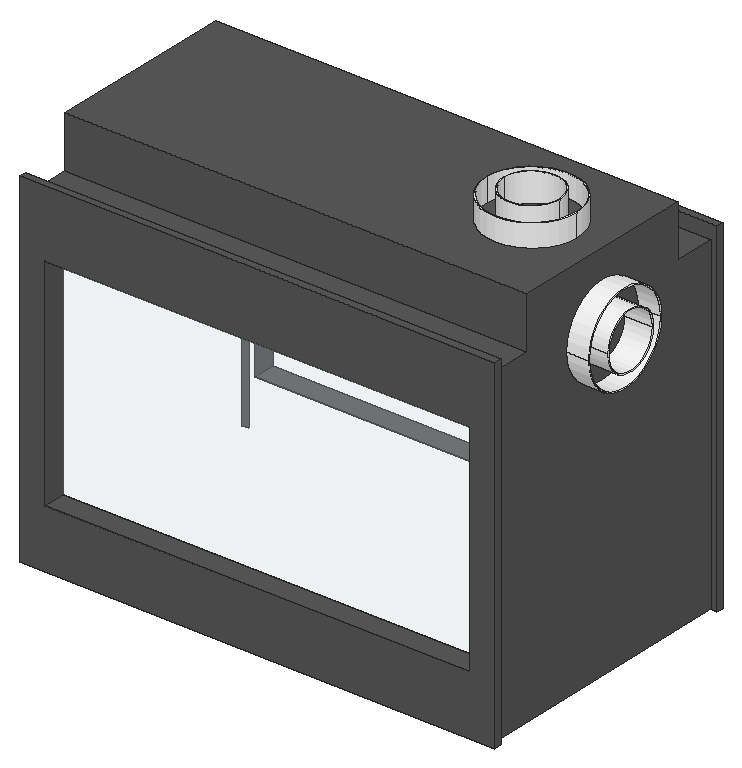
Revit family "L42ST", category Generic Models, Revit 2019
Family settings
  Can host rebar = No
  Round Connector Dimension = Use Diameter
  Part Type = Normal
  Work Plane-Based = No
  Always vertical = Yes
  Cut with Voids When Loaded = No
  Shared = No
  Room Calculation Point = No
Parameters
  Width = 12 5/16"
  URL = "https://www.montigo.com/"
  Model = ""
  Manufacturer Fax = ""
  Manufacturer Website = "https://www.montigo.com/"
  Manufacturer Phone - Toll Free = "800-378-3115"
  Manufacturer Phone = ""
  Manufacturer Address = "27342 Gloucester Way  Langley, BC, Canada   V4W 4A1"
  Manufacturer = "Montigo"
  Length = 53 7/16"
  Keynote = ""
  Glazing Tint = Glass - Montigo - Tint as Specified
  Frame Material = Metal - Montigo - Black
  Firebox Material = Metal - Montigo - White
  Fire Place Length = 50 5/16"
  Fire Place Height = 24 1/2"
  Fire Place - Opening = 16 9/16"
  Description = "Montigo Fireplace as Specified"
  Base Height = 6 9/16"
Reference planes (in)
  plane 1 "Center (Front/Back)": y = 0
  plane 2: z = 0
  plane 3 "Center (Left/Right)": x = 0
Forms (in)
  Extrusion 1, solid, material "Metal - Montigo - Black" <- "Frame Material"
    sketch origin (0, 0, 0) x (1, 0, 0) y (0, 1, 0)
      loop
        line (-20.39225, 12) -> (-20.39225, -12) -> (20.39225, -12) -> (20.39225, 12) -> (-20.39225, 12)
    from 0 to 29.25
  Extrusion 2, solid, material "Metal - Montigo - Black" <- "Frame Material"
    sketch origin (0, 0, 0) x (1, 0, 0) y (0, 1, 0)
      loop
        line (-20.39225, 8.3125) -> (-20.39225, -8.3125) -> (20.39225, -8.3125) -> (20.39225, 8.3125) -> (-20.39225, 8.3125)
    from 29.25 to 33.875
  Extrusion 3, solid, material "Metal - Montigo - Black" <- "Frame Material"
    sketch origin (0, 0, 0) x (1, 0, 0) y (0, 1, 0)
      loop
        line (-20.99688, 12) -> (20.94312, 12) -> (20.94312, 12.57495) -> (-20.99688, 12.57495) -> (-20.99688, 12)
    from 0 to 30.53075
  Extrusion 4, solid, material "Metal - Montigo - Black" <- "Frame Material"
    sketch origin (0, 0, 0) x (1, 0, 0) y (0, 1, 0)
      loop
        line (-20.93688, -12) -> (-20.93688, -12.57495) -> (21.00312, -12.57495) -> (21.00312, -12) -> (-20.93688, -12)
    from 0 to 30.53075
  Extrusion 5, void
    sketch origin (42.25, -6.4375, 0) x (-1, 0, 0) y (0, 0, -1)
      loop
        line (60.985, -24.625) -> (60.985, -5.25) -> (23.485, -5.25) -> (23.485, -24.625) -> (60.985, -24.625)
    from 4.13605 to 12
  Extrusion 6, void
    sketch origin (42.25, 6.4375, 0) x (-1, 0, 0) y (0, 0, 1)
      loop
        line (60.985, 24.625) -> (23.485, 24.625) -> (23.485, 5.25) -> (60.985, 5.25) -> (60.985, 24.625)
    from 4.13605 to 12
Cuts and joins
  Extrusion 5, Extrusion 6 cuts Extrusion 1
  Extrusion 5, Extrusion 6 cuts Extrusion 2
  Extrusion 5, Extrusion 6 cuts Extrusion 3
  Extrusion 5, Extrusion 6 cuts Extrusion 4
  joined: Extrusion 1, Extrusion 2, Extrusion 3, Extrusion 4
Dimensions and locks (in)
  Extrusion 3 to Extrusion 3 = 41.94"
  level to nested 4 = 27.412"
  cut or joined group of Extrusion 1, Extrusion 2, Extrusion 3, Extrusion 4, Extrusion 5, Extrusion 6 to cut or joined group of Extrusion 1, Extrusion 2, Extrusion 3, Extrusion 4, Extrusion 5, Extrusion 6 = 33 7/8"
  aligned and locked: level to plane 2
  aligned and locked: nested 2 to plane 1 "Center (Front/Back)"
  aligned and locked: nested 1 to plane 1 "Center (Front/Back)"
  aligned and locked: nested 4 to plane 1 "Center (Front/Back)"
  aligned and locked: nested 3 to plane 1 "Center (Front/Back)"
Nested families (in)
  nested 1: "Duct Dia" at (14.17325, 0, 33.875) x (-1, 0, 0) z (0, 0, 1), type "5""
    with Intake Duct Dia 5", Intake Diameter 4 7/8", Height 2 1/2"
  nested 2: "Duct Dia" at (14.17325, 0, 33.875) x (-1, 0, 0) z (0, 0, 1), type "8""
    with Intake Duct Dia 8", Intake Diameter 7 7/8", Height 2"
  nested 3: "Duct Dia" at (20.39225, 0, 27.412) x (0, 1, 0) z (1, 0, 0), type "5""
    with Intake Duct Dia 5", Intake Diameter 4 7/8", Height 2 1/2"
  nested 4: "Duct Dia" at (20.39225, 0, 27.412) x (0, 1, 0) z (1, 0, 0), type "8""
    with Intake Duct Dia 8", Intake Diameter 7 7/8", Height 2"
Connectors (in)
  hvac at (14.17325, 0, 36.375)
    settings: on nested 1, index 2, duct flow 0.0 L/s, flow factor 0, pres drop 0.0 Pa, loss coef 0, conn angle 0.00°, conn width 304.8 mm, conn height 304.8 mm, conn diameter 127 mm, duct sys type 3, conn prof type 0, flow config 0, flow direction 0, loss method 0, conn ref index -1, conn util no, is conn primary yes, conn desc ""
  hvac at (14.17325, 0, 35.875)
    settings: on nested 2, index 3, duct flow 0.0 L/s, flow factor 0, pres drop 0.0 Pa, loss coef 0, conn angle 0.00°, conn width 304.8 mm, conn height 304.8 mm, conn diameter 203.2 mm, duct sys type 3, conn prof type 0, flow config 0, flow direction 0, loss method 0, conn ref index -1, conn util no, is conn primary no, conn desc ""
  hvac at (22.89225, 0, 27.412)
    settings: on nested 3, index 4, duct flow 0.0 L/s, flow factor 0, pres drop 0.0 Pa, loss coef 0, conn angle 0.00°, conn width 304.8 mm, conn height 304.8 mm, conn diameter 127 mm, duct sys type 3, conn prof type 0, flow config 0, flow direction 0, loss method 0, conn ref index -1, conn util no, is conn primary no, conn desc ""
  hvac at (22.39225, 0, 27.412)
    settings: on nested 4, index 5, duct flow 0.0 L/s, flow factor 0, pres drop 0.0 Pa, loss coef 0, conn angle 0.00°, conn width 304.8 mm, conn height 304.8 mm, conn diameter 203.2 mm, duct sys type 3, conn prof type 0, flow config 0, flow direction 0, loss method 0, conn ref index -1, conn util no, is conn primary no, conn desc ""
Definition of nested family "Duct Dia"
  Parameters (values of type "15 7/8" Dia.")
    Intake Duct Dia = 15 7/8"
    Intake Diameter = Intake Duct Dia - 1/8"  # 15 3/4"
    Height = 4"
    Firebox Material = none
    Default Elevation = 48"
  Types (12): name | Intake Duct Dia | Intake Diameter | Height
    9 7/8" Dia. | 9 7/8" | 9 3/4" | 4"
    7 7/8" Dia | 7 7/8" | 7 3/4" | 4"
    8 1/8" Dia | 8 1/8" | 8" | 1/4"
    11 3/4" Dia | 11 3/4" | 11 5/8" | 4"
    4" Dia | 10" | 9 7/8" | 4"
    7 3/4" Dia | 7 3/4" | 7 5/8" | 4"
    6 7/8" Dia | 6 7/8" | 6 3/4" | 1/4"
    9 3/4" Dia. | 9 3/4" | 9 5/8" | 4"
    7 1/8" Dia | 7 1/8" | 7" | 1/4"
    11 7/8" Dia. | 11 7/8" | 11 3/4" | 4"
    13 7/8" Dia. | 13 7/8" | 13 3/4" | 4"
    15 7/8" Dia. | 15 7/8" | 15 3/4" | 4"
  Reference planes (in)
    plane 1 "Center (Front/Back)": y = 0
    plane 2: z = 0
    plane 3 "Center (Left/Right)": x = 0
    plane 4: z = 4
  Forms (in)
    Extrusion 1, solid
      sketch origin (0, 0, 0) x (1, 0, 0) y (0, 1, 0)
        loop
          line (-48, 48) -> (-48, -48) -> (48, -48) -> (48, 48) -> (-48, 48)
      from 0 to -12
    Extrusion 2, solid, material <- "Firebox Material"
      sketch origin (0, 0, 0) x (1, 0, 0) y (0, 1, 0)
        loop
          circle (0, 0) r 7.9375
        loop
          circle (0, 0) r 7.875
      from 0 to 4
  Dimensions and locks (in)
    "Height": plane 4 to level
    "Intake Duct Dia": diameter of Extrusion 2 sketch curve
    "Intake Diameter": diameter of Extrusion 2 sketch curve
    aligned and locked: plane 2 to Extrusion 1
    aligned and locked: level to Extrusion 1
    aligned and locked: plane 4 to Extrusion 2
  Automatic sketch dimensions
    Extrusion 1 sketch curve to Extrusion 1 sketch curve = 96"  (x2)
    Extrusion 2 sketch curve to Extrusion 2 sketch curve = 0"  (x2)
    plane 1 "Center (Front/Back)" to Extrusion 2 sketch curve = 0"
    Extrusion 2 sketch curve to plane 3 "Center (Left/Right)" = 0"
